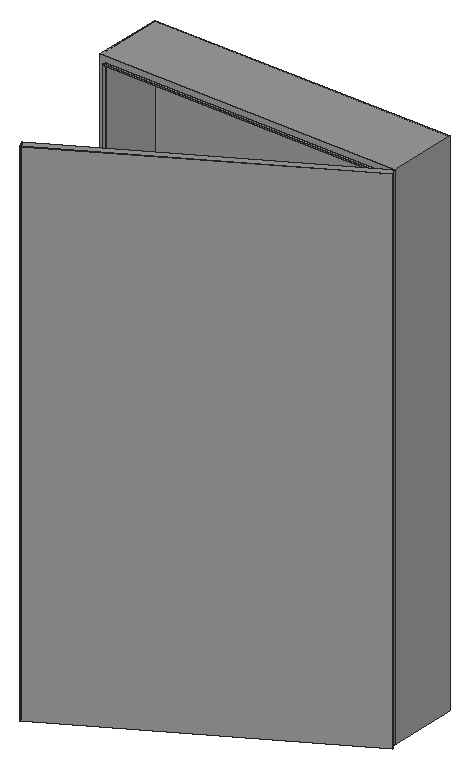
Revit family "Hager-Univers-IP44-D205-H1400-Cl.II-Encl-NoHosted-BE-fr", category Electrical Equipment, Revit 2020
Family settings
  Panel Configuration = Two Columns, Circuits Across
  Round Connector Dimension = Use Diameter
  Part Type = Panelboard
  Work Plane-Based = Yes
  Always vertical = Yes
  Cut with Voids When Loaded = No
  Shared = No
  Room Calculation Point = No
Parameters (values of type "saillie IP44 L800 H1400 P205  - FP93QS")
  Width Control [instance] = if([EF000008 - largeur] > Min Width, [EF000008 - largeur], Min Width)  # 800 mm
  Type Comments = [HG000003 - Gamme]  # "Univers"
  Thickness Door [instance] = if([EF009171 - épaisseur de matériau de la porte/du couvercle] > 3 mm, 3 mm, [EF009171 - épaisseur de matériau de la porte/du couvercle])  # 1 mm
  Seal Frame Offset [instance] = 17 mm  # constant formula
  Plinth Visibility [instance] = [HG000027 - Hauteur du socle] > 0 mm  # no
  Min Width [instance] = 100 mm  # constant formula
  Min Depth [instance] = (2 * [EF009170 - épaisseur de matériau du boîtier]) + 1 mm  # 3 mm
  Min Height [instance] = 100 mm  # constant formula
  Internal Frame Depth [instance] = (Door System Depth * 0.5)  # 9 mm
  Panel Name [instance] = ""  # (empty or 0)
  Model = ""
  HG000027 - Hauteur du socle = 0 mm
  HG000026 - Installation au sol = no
  HG000024 - Hauteur de la section basse = 600 mm
  HG000023 - Armoire double section = no
  HG000016 - Visibilité de la porte 3D [instance] = yes
  HG000015 - Visibilité de l'emprise de la porte [instance] = no
  HG000014 - Porte à droite [instance] = yes
  HG000013 - Porte à gauche [instance] = not([HG000014 - Porte à droite])  # no
  HG000012 - Angle de pivotement de la porte [instance] = 30.00°
  HG000010 - Portes asymétriques = no
  HG000009 - Porte à double battant = no
  HG000006 - Encastré = no
  HG000004 - Référence fabricant = "FP93QS"
  HG000003 - Gamme = "Univers"
  HG000002 - avec porte = yes
  Frame Offset Bottom [instance] = 10 mm  # constant formula
  Frame Offset [instance] = 15 mm  # constant formula
  EF015940 - couvercle avec décharge de pression = no
  EF011959 - degré de protection (NEMA) = ""
  EF009554 - nombre d'ouvertures pour plaques à bride = 6
  EF009212 - finition du couvercle = "EV000116 - fermé"
  EF009171 - épaisseur de matériau de la porte/du couvercle = 1 mm
  EF009170 - épaisseur de matériau du boîtier = 1 mm
  EF008873 - courant nominal (In) = 250 A
  EF007800 - adapté à un parafoudre = no
  EF006306 - avec serrure = no
  EF006244 - couvercle/porte transparent(e) = no
  EF005474 - indice de protection (IP) = "EV006418 - IP44"
  EF004464 - type de porte = "EV002646 - unique"
  EF004427 - nombre de modules = 324
  EF004293 - indice de protection contre les chocs (IK) = "EV006815 - IK09"
  EF003532 - convient pour utilisation à l’extérieur = no
  EF002950 - largeur en nombre de modules = 36
  EF001613 - maintien de fonction = "EV000494 - sans"
  EF001596 - matériau du boîtier/corps = "EV000179 - acier"
  EF001131 - profondeur intérieure = 143 mm
  EF001088 - possibilité de montage en saillie = yes
  EF000437 - nombre d'entrées de conduit = 6
  EF000339 - type de capot = "EV001012 - couvercle"
  EF000266 - nombre de rangées = 9
  EF000218 - profondeur d'encastrement = 0 mm
  EF000118 - avec cadre/support de montage = no
  EF000116 - numéro RAL = "9010"
  EF000049 - profondeur = 205 mm
  EF000040 - hauteur = 1400 mm
  EF000008 - largeur = 800 mm
  EF000007 - couleur = "EV000202 - blanc"
  EF000003 - mode de pose = "EV000384 - saillie"
  Door System Leaf Tolerance [instance] = 1.5 mm  # constant formula
  Door System Depth [instance] = 18 mm  # constant formula
  Door Height [instance] = Height Control - [HG000027 - Hauteur du socle]  # 1400 mm
  Description = ""
  Default Elevation = 1219.2 mm
  Connector Offset [instance] = Height Control / 2  # 700 mm
  Manufacturer = "Hager"  # constant formula
  Height Control [instance] = if([EF000040 - hauteur] > Min Height, [EF000040 - hauteur], Min Height)  # 1400 mm
  Depth Control [instance] = if([EF000049 - profondeur] > Min Depth, [EF000049 - profondeur], Min Depth)  # 205 mm
  Bottom Top Plate Trim [instance] = 1.5 mm  # constant formula
  Plinth height Ctrl [instance] = if([HG000027 - Hauteur du socle] > 0 mm, [HG000027 - Hauteur du socle], 12 mm)  # 12 mm
Types (5, lengths in mm): name | Width Control | HG000009 - Porte à double battant | HG000004 - Référence fabricant | EF009554 - nombre d'ouvertures pour plaques à bride | EF004464 - type de porte | EF004427 - nombre de modules | EF002950 - largeur en nombre de modules | EF000437 - nombre d'entrées de conduit | EF000008 - largeur
  saillie IP44 L1050 H1400 P205  - FP94QS | 1050 | yes | "FP94QS" | 8 | "EV003602 - double" | 432 | 48 | 8 | 1050
  saillie IP44 L1300 H1400 P205  - FP95QS | 1300 | yes | "FP95QS" | 10 | "EV003602 - double" | 540 | 60 | 10 | 1300
  saillie IP44 L300 H1400 P205  - FP91QS | 300 | no | "FP91QS" | 2 | "EV002646 - unique" | 108 | 12 | 2 | 300
  saillie IP44 L550 H1400 P205  - FP92QS | 550 | no | "FP92QS" | 4 | "EV002646 - unique" | 216 | 24 | 4 | 550
  saillie IP44 L800 H1400 P205  - FP93QS | 800 | no | "FP93QS" | 6 | "EV002646 - unique" | 324 | 36 | 6 | 800
Reference planes
  plane 1 "Center (Front/Back)": y = 0
  plane 2: z = 0
  plane 3 "Center (Left/Right)": x = 0
  plane 4: y = 0
  plane 5: y = 0
  plane 6: z = 0
  plane 7: x = -400
  plane 8: x = 400
  plane 9: x = 399
  plane 10: x = -399
  plane 11: z = 0
  plane 12: z = 1
  plane 13: y = -205
  plane 14: y = -1
  plane 15: x = 0
  plane 16: y = -187
  plane 17: y = -204
  plane 18: y = -186
  plane 19: x = -384
  plane 20: x = 384
  plane 21: z = 11
  plane 22: x = -383
  plane 23: x = 383
  plane 24: z = 0
  plane 25: z = 1400
  plane 26: z = 1400
  plane 27: z = 1384
  plane 28: z = 1399
Forms (mm)
  Extrusion 1, solid, material "Hager_Steel_RAL7035_Light_Grey", detail levels medium+fine
    sketch origin (-208.679, -4572, 0) x (-1, 0, 0) y (0, -1, 0)
      loop
        line (191.321, -4385) -> (-608.679, -4385) -> (-608.679, -4572) -> (191.321, -4572) -> (191.321, -4385)
    from 0 to 1400
  Extrusion 2, void
    sketch origin (-350.771, -205, 1219.2) x (1, 0, 0) y (0, 0, 1)
      loop
        line (-48.229, 179.8) -> (-48.229, -1218.2) -> (749.771, -1218.2) -> (749.771, 179.8) -> (-48.229, 179.8)
    from -19 to -204
  Extrusion 3, void
    sketch origin (-290.084, -187, 1219.2) x (1, 0, 0) y (0, 0, 1)
      loop
        line (-93.916, -1208.2) -> (674.084, -1208.2) -> (674.084, 164.8) -> (-93.916, 164.8) -> (-93.916, -1208.2)
    from 0 to -1
  Extrusion 4, solid, material "Hager_Steel_RAL7035_Light_Grey", visible <- "Plinth Visibility", detail levels medium+fine
    sketch origin (0, 0, 0) x (1, 0, 0) y (0, 1, 0)
      loop
        line (-400, 0) -> (-400, -187) -> (400, -187) -> (400, 0) -> (-400, 0)
    from 0 to 12 <- "Plinth height Ctrl"
  Extrusion 5, solid, material "Hager_Steel_RAL7035_Light_Grey", detail levels coarse
    sketch origin (0, 0, 0) x (1, 0, 0) y (0, 1, 0)
      loop
        line (-400, 0) -> (-400, -205) -> (400, -205) -> (400, 0) -> (-400, 0)
    from 0 to 1400 <- "Height Control"
  Sweep 6, void
    path in 3D
      loop
        line (-400, -187, 12) -> (400, -187, 12) -> (400, 0, 12) -> (-400, 0, 12) -> (-400, -187, 12)
    profile origin (-400, -93.5, 12) x (1, 0, 0) y (0, 0, 1)
      loop
        line (0, 0) -> (0, -1.5) -> (1.5, -1.5)
        arc (1.5, -1.5) -> (1.061, -0.439) -> (0, 0) r 1.5
  Extrusion 7, solid, material "Hager_Steel_RAL7035_Light_Grey", detail levels fine
    sketch origin (-400, -187, 0) x (1, 0, 0) y (0, 0, 1)
      loop
        line (16, 11) -> (784, 11) -> (784, 1384) -> (16, 1384) -> (16, 11)
      loop
        line (15, 10) -> (785, 10) -> (785, 1385) -> (15, 1385) -> (15, 10)
    from 0 to 9 <- "Internal Frame Depth"
Cuts and joins
  Extrusion 2, Extrusion 3 cuts Extrusion 1
  Sweep 6 cuts Extrusion 4
Lines and regions (mm)
  Masking region 1
    outline origin (0, 0, 0) x (1, 0, 0) y (0, 1, 0)
      loop
        line (-400, 0) -> (-400, -205) -> (400, -205) -> (400, 0) -> (-400, 0)
  Masking region 2, detail levels coarse
    outline origin (-290.084, -187, 1219.2) x (-1, 0, 0) y (0, 0, 1)
      loop
        line (-690.084, -1219.2) -> (109.916, -1219.2) -> (109.916, 180.8) -> (-690.084, 180.8) -> (-690.084, -1219.2)
  Masking region 3, detail levels coarse
    outline origin (0, 0, 0) x (0, 1, 0) y (0, 0, 1)
      loop
        line (0, 0) -> (0, 1400) -> (-205, 1400) -> (-205, 0) -> (0, 0)
  Masking region 4, visible <- "Plinth Visibility", detail levels medium+fine
    outline origin (0, 0, 0) x (0, 1, 0) y (0, 0, 1)
      loop
        line (-1.5, 12) -> (-185.5, 12)
        arc (-185.5, 12) -> (-185.939, 10.939) -> (-187, 10.5) r 1.5
        line (-187, 10.5) -> (-187, 0) -> (0, 0) -> (0, 10.5)
        arc (0, 10.5) -> (-1.061, 10.939) -> (-1.5, 12) r 1.5
  Masking region 5, detail levels medium+fine
    outline origin (0, 0, 594.038) x (0, 1, 0) y (0, 0, 1)
      loop
        line (0, -594.038) -> (0, 805.962) -> (-187, 805.962) -> (-187, -594.038) -> (0, -594.038)
  Masking region 6, detail levels medium+fine
    outline origin (-359.7, -187, 1211.883) x (-1, 0, 0) y (0, 0, 1)
      loop
        line (-759.7, -1211.883) -> (40.3, -1211.883) -> (40.3, 188.117) -> (-759.7, 188.117) -> (-759.7, -1211.883)
  Masking region 7, visible <- "Plinth Visibility", detail levels medium+fine
    outline origin (-320.334, -187, 1041.368) x (-1, 0, 0) y (0, 0, 1)
      loop
        line (-720.334, -1041.368) -> (79.666, -1041.368) -> (79.666, -1030.868)
        arc (79.666, -1030.868) -> (78.606, -1030.429) -> (78.166, -1029.368) r 1.5
        line (78.166, -1029.368) -> (-718.834, -1029.368)
        arc (-718.834, -1029.368) -> (-719.273, -1030.429) -> (-720.334, -1030.868) r 1.5
        line (-720.334, -1030.868) -> (-720.334, -1041.368)
  sketch lines
    curve 1: line (-400, 0, 12) -> (-400, -187, 12)
    curve 2: line (-400, -187, 12) -> (400, -187, 12)
    curve 3: line (400, 0, 12) -> (-400, 0, 12)
    curve 4: line (400, -187, 12) -> (400, 0, 12)
Dimensions and locks
  locked: plane 1 "Center (Front/Back)" to plane 5
  "EF009170 - épaisseur de matériau du boîtier": plane 7 to plane 10
  "EF009170 - épaisseur de matériau du boîtier": plane 8 to plane 9
  equal spacing: plane 7, plane 3 "Center (Left/Right)", plane 8
  "Width Control": plane 7 to plane 8
  "Depth Control": plane 4 to plane 13
  "EF009170 - épaisseur de matériau du boîtier": plane 4 to plane 14
  "Height Control": plane 25 to level
  "HG000027 - Hauteur du socle": plane 11 to level
  "EF009170 - épaisseur de matériau du boîtier": plane 12 to plane 11
  "EF009170 - épaisseur de matériau du boîtier": plane 17 to plane 13
  "EF009170 - épaisseur de matériau du boîtier": plane 18 to plane 16
  "Frame Offset Bottom": plane 21 to plane 12
  "Frame Offset": plane 10 to plane 19
  "Frame Offset": plane 9 to plane 20
  "Door System Depth": plane 16 to plane 13
  "Seal Frame Offset": plane 7 to plane 22
  "Seal Frame Offset": plane 8 to plane 23
  "EF009170 - épaisseur de matériau du boîtier": plane 26 to plane 28
  "Frame Offset": plane 28 to plane 27
  "Connector Offset": plane 2 to connector elem
  "Bottom Top Plate Trim": profile plane to Sweep 6 sketch curve
  "Bottom Top Plate Trim": Sweep 6 sketch curve to Sweep 6 sketch curve
  "Plinth height Ctrl": Masking region 4 sketch curve to level
  "Plinth height Ctrl": Masking region 7 sketch curve to level
  "Thickness Door": Extrusion 7 sketch curve to Extrusion 7 sketch curve  (x4)
  "Bottom Top Plate Trim": radius of Sweep 6 sketch curve
  "Bottom Top Plate Trim": radius of Masking region 4 sketch curve  (x2)
  "Bottom Top Plate Trim": radius of Masking region 7 sketch curve  (x2)
  aligned and locked: Extrusion 2 sketch curve to plane 12
  aligned and locked: Extrusion 2 sketch curve to plane 9
  aligned and locked: Extrusion 2 sketch curve to plane 10
  aligned and locked: Extrusion 2 to plane 14
  aligned and locked: Extrusion 1 sketch curve to plane 4
  aligned and locked: plane 8 to Extrusion 1 sketch curve
  aligned and locked: plane 7 to Extrusion 1 sketch curve
  aligned and locked: Extrusion 2 to plane 18
  aligned and locked: Extrusion 3 sketch curve to plane 19
  aligned and locked: plane 20 to Extrusion 3 sketch curve
  aligned and locked: Extrusion 3 to Extrusion 2
  aligned and locked: Extrusion 3 sketch curve to plane 21
  aligned and locked: plane 3 "Center (Left/Right)" to nested 1
  aligned and locked: Extrusion 1 sketch curve to plane 16
  aligned and locked: Extrusion 4 sketch curve to cut or joined group of Extrusion 1, Extrusion 2, Extrusion 3
  aligned and locked: Masking region 1 sketch curve to plane 7
  aligned and locked: Masking region 1 sketch curve to plane 5
  aligned and locked: Masking region 1 sketch curve to plane 8
  aligned and locked: Masking region 2 sketch curve to level
  aligned and locked: level to Masking region 3 sketch curve
  aligned and locked: plane 1 "Center (Front/Back)" to Masking region 3 sketch curve
  aligned and locked: plane 13 to Masking region 3 sketch curve
  aligned and locked: plane 5 to Masking region 4 sketch curve
  aligned and locked: Masking region 2 sketch curve to plane 8
  aligned and locked: Masking region 2 sketch curve to plane 7
  aligned and locked: plane 7 to nested 2
  aligned and locked: nested 2 to plane 5
  aligned and locked: plane 5 to Masking region 5 sketch curve
  aligned and locked: plane 26 to Masking region 5 sketch curve
  aligned and locked: Extrusion 5 sketch curve to plane 8
  aligned and locked: Extrusion 5 sketch curve to plane 7
  aligned and locked: Extrusion 5 sketch curve to plane 5
  aligned and locked: Extrusion 3 sketch curve to plane 27
  aligned and locked: Extrusion 2 sketch curve to plane 28
  aligned and locked: Masking region 2 to plane 25
  aligned and locked: Extrusion 4 to plane 16
  aligned and locked: profile plane to Sweep 6 sketch curve
  aligned and locked: Masking region 5 sketch curve to plane 24
  aligned and locked: level to Masking region 4 sketch curve
  aligned and locked: Masking region 1 to plane 13
  aligned and locked: nested 1 to plane 16
  aligned and locked: Masking region 3 to plane 25
  aligned and locked: plane 16 to Masking region 4 sketch curve
  aligned and locked: Masking region 5 sketch curve to plane 16
  aligned and locked: plane 24 to plane 11
  aligned and locked: plane 26 to plane 25
  aligned and locked: plane 26 to cut or joined group of Extrusion 1, Extrusion 2, Extrusion 3
  aligned and locked: nested 1 to plane 24
  aligned and locked: Extrusion 1 to Extrusion 3
  aligned and locked: Masking region 6 sketch curve to plane 8
  aligned and locked: Masking region 6 sketch curve to plane 24
  aligned and locked: Masking region 6 sketch curve to plane 7
  aligned and locked: Masking region 6 sketch curve to plane 26
  aligned and locked: Masking region 7 sketch curve to plane 7
  aligned and locked: level to Masking region 7 sketch curve
  aligned and locked: Masking region 7 sketch curve to plane 8
  aligned and locked: Extrusion 7 sketch curve to cut or joined group of Extrusion 1, Extrusion 2, Extrusion 3  (x4)
Automatic sketch dimensions
  plane 19 to Extrusion 3 sketch curve = 0 mm
  Extrusion 3 sketch curve to plane 20 = 0 mm
  Extrusion 3 sketch curve to plane 21 = 0 mm
  Extrusion 4 sketch curve to plane 7 = 0 mm
  Extrusion 4 sketch curve to plane 8 = 0 mm
  Extrusion 4 sketch curve to plane 16 = 0 mm
  Masking region 1 sketch curve to plane 13 = 0 mm
  Masking region 2 sketch curve to plane 25 = 0 mm
  Masking region 3 sketch curve to plane 25 = 0 mm
  Extrusion 5 sketch curve to plane 13 = 0 mm
  profile plane to Sweep 6 sketch curve = 0 mm
Nested families
  nested 1: "EC000058_Univers_Door" at (0, -187, 0), Double <- "HG000009 - Porte à double battant", Transparent <- "EF006244 - couvercle/porte transparent(e)", Angle <- "HG000012 - Angle de pivotement de la porte", Door_Right <- "HG000014 - Porte à droite", Assymetrical <- "HG000010 - Portes asymétriques", Door <- "HG000002 - avec porte", Width_Ctrl <- "Width Control", 3d_Door <- "HG000016 - Visibilité de la porte 3D", Clearance <- "HG000015 - Visibilité de l'emprise de la porte", Door_Left <- "HG000013 - Porte à gauche", Width <- "Width Control", Door_Depth <- "Door System Depth", Leaf_Tolerance <- "Door System Leaf Tolerance", Height <- "Door Height", Lock_Visibility <- "EF006306 - avec serrure", Thickness <- "Thickness Door", type "EC000058_Univers_Door", detail levels medium+fine
    with min_wh 3 mm, Width_Ctrl 800 mm, Width 800 mm, Transparent no, Thickness 1 mm, Seal_Material Hager_Rubber, Lock_Visibility no, Lock_Material Hager_Plastic_RAL9005_Jet_Black, Leaf_Width 800 mm, Leaf_Tolerance_External_Sides 0 mm, Leaf_Tolerance 1.5 mm, Leaf_Offset 0 mm, Leaf_Height 1397 mm, Leaf_2_Width 800 mm, Leaf_2_Offset 400 mm, Leaf_1_Width 800 mm, Leaf_1_Offset 400 mm, Height_Ctrl 1400 mm, Height 1400 mm, Glass_Material Hager_Glass, Double_Clearance_Ctrl no, Double no, Door_Right_Ctrl yes, Door_Right yes, Door_Material Hager_Steel_RAL7035_Light_Grey, Door_Left_Ctrl no, Door_Left no, Door_Depth 18 mm, Door yes, Clearance_Material Hager_Clearance, Clearance_Depth 800 mm, Clearance_Ctrl no, Clearance no, Assymetrical no, Angle 30.00°, 3d_Door yes
  nested 2: "Hager_Enclosure_Symbol" at (-400, 0, 0), Height <- "Depth Control", Width <- "Width Control", type "Hager_Enclosure_Symbol"
    with Width_Ctrl 800 mm, Width 800 mm, Height_Ctrl 205 mm, Height 205 mm, A_Width_Int 13.453 mm, A_Width 161.438 mm, A_Height_Ctrl 179.375 mm, A_Height 179.375 mm
Connectors
  electrical at (0, 0, 700)
    settings: on plane 1 "Center (Front/Back)", index 1, voltage 0 V, apparent load 0 VA, apparent load phase1 0 VA, apparent load phase2 0 VA, apparent load phase3 0 VA, power factor 1, load classification "Other", number of poles 1, system type 30, power factor state 1, is connector primary yes, connector utility no, sub classification motor no, connector description ""
Definition of nested family "EC000058_Univers_Door"
  Parameters (values of type "EC000058_Univers_Door")
    min_wh [instance] = (2 * Thickness) + 1 mm  # 11 mm
    Width_Ctrl [instance] = 400 mm
    Width [instance] = 500 mm
    Transparent [instance] = yes
    Thickness [instance] = 5 mm
    Seal_Material [instance] = none
    Lock_Visibility [instance] = yes
    Lock_Material [instance] = none
    Leaf_Width [instance] = if((Width_Ctrl - 2 * Leaf_Tolerance_External_Sides) > 0 mm, (Width_Ctrl - 2 * Leaf_Tolerance_External_Sides), min_wh)  # 400 mm
    Leaf_Tolerance_External_Sides [instance] = 0 mm  # constant formula
    Leaf_Tolerance [instance] = 1.5 mm
    Leaf_Offset [instance] = 0 mm  # constant formula
    Leaf_Height [instance] = if((Height_Ctrl - 2 * Leaf_Tolerance) > 0 mm, (Height_Ctrl - 2 * Leaf_Tolerance), min_wh)  # 497 mm
    Leaf_2_Width [instance] = if(and(and(Double, Assymetrical), Door_Left), (Leaf_Width / 3) - (Leaf_Tolerance / 2), if(and(and(Double, Assymetrical), Door_Right), (Leaf_Width / 3) * 2 - (Leaf_Tolerance / 2), if(and(Double, not(Assymetrical)), (Leaf_Width / 2) - Leaf_Tolerance, Leaf_Width)))  # 400 mm
    Leaf_2_Offset [instance] = if(and(Double, Assymetrical), Leaf_2_Width / 2, if(and(Double, not(Assymetrical)), Leaf_Width / 4, Leaf_Width / 2))  # 200 mm
    Leaf_1_Width [instance] = if(and(and(Double, Assymetrical), Door_Right), (Leaf_Width / 3) - (Leaf_Tolerance / 2), if(and(and(Double, Assymetrical), Door_Left), (Width / 3) * 2 - (Leaf_Tolerance / 2), if(and(Double, not(Assymetrical)), (Leaf_Width / 2) - Leaf_Tolerance, Leaf_Width)))  # 400 mm
    Leaf_1_Offset [instance] = if(and(Double, Assymetrical), Leaf_1_Width / 2, if(and(Double, not(Assymetrical)), Leaf_Width / 4, Leaf_Width / 2))  # 200 mm
    Height_Ctrl [instance] = if(Height > min_wh, Height, min_wh)  # 500 mm
    Height [instance] = 500 mm
    Glass_Material [instance] = none
    Double_Clearance_Ctrl [instance] = and(Double, Clearance)  # no
    Double [instance] = no
    Door_Right_Ctrl [instance] = and(or(Door_Right, Double), Door)  # yes
    Door_Right [instance] = yes
    Door_Material [instance] = none
    Door_Left_Ctrl [instance] = and(or(Door_Left, Double), Door)  # no
    Door_Left [instance] = no
    Door_Depth [instance] = 30 mm
    Door [instance] = yes
    Default Elevation = 1219.2 mm
    Clearance_Material [instance] = none
    Clearance_Depth [instance] = if(Leaf_1_Width > Leaf_2_Width, Leaf_1_Width, Leaf_2_Width)  # 400 mm
    Clearance_Ctrl [instance] = and(not(Double), Clearance)  # yes
    Clearance [instance] = yes
    Assymetrical [instance] = yes
    Angle [instance] = 30.00°
    3d_Door [instance] = yes
  Reference planes
    plane 1 "Center (Front/Back)": y = 0
    plane 2 "Bottom": z = 0
    plane 3 "Center (Left/Right)": x = 0
    plane 4: z = 500
    plane 5: x = -200
    plane 6: x = 200
    plane 7: z = 500
    plane 8: x = -200
    plane 9: z = 0
    plane 10: x = 200
    plane 11: y = 0
    plane 12: z = 1.5
    plane 13: x = -600
    plane 14: y = -400
    plane 15: x = 600
    plane 16: x = 0
    plane 17: x = 0
    plane 18: x = -200
    plane 19: x = 200
    plane 20: z = 498.5
  Forms (mm)
    Extrusion 1, solid, material <- "Clearance_Material", visible <- "Double_Clearance_Ctrl"
      sketch origin (1200, 0, 0) x (1, 0, 0) y (0, 0, -1)
        loop
          line (-1800, -498.5) -> (-600, -498.5) -> (-600, 0) -> (-1800, 0) -> (-1800, -498.5)
      from 0 to -400
  Dimensions and locks
    equal spacing: plane 5, plane 3 "Center (Left/Right)", plane 6
    "Width_Ctrl": plane 5 to plane 6
    "Leaf_Offset": plane 5 to plane 8
    "Leaf_Offset": plane 6 to plane 10
    "Leaf_Offset": plane 9 to level
    "Leaf_Offset": plane 4 to plane 7
    "Height_Ctrl": plane 4 to level
    "Leaf_Tolerance": plane 12 to plane 9
    locked: plane 11 to plane 1 "Center (Front/Back)"
    "Leaf_1_Offset": plane 18 to plane 16
    "Leaf_2_Offset": plane 17 to plane 19
    "Leaf_1_Width": plane 13 to plane 8
    "Leaf_2_Width": plane 10 to plane 15
    "Clearance_Depth": plane 14 to plane 1 "Center (Front/Back)"
    "Leaf_Tolerance_External_Sides": plane 8 to plane 18
    "Leaf_Tolerance_External_Sides": plane 19 to plane 10
    "Leaf_Tolerance": plane 7 to plane 20
    aligned and locked: level to plane 2 "Bottom"
    aligned and locked: nested 1 to plane 16
    aligned and locked: nested 2 to plane 17
    aligned and locked: Extrusion 1 to plane 13
    aligned and locked: plane 15 to Extrusion 1
    aligned and locked: Extrusion 1 to plane 14
    aligned and locked: plane 12 to nested 1
    aligned and locked: nested 2 to plane 12
    aligned and locked: Extrusion 1 to plane 11
    aligned and locked: plane 20 to Extrusion 1
    aligned and locked: nested 2 to plane 11
    aligned and locked: nested 1 to plane 11
  Automatic sketch dimensions
    Extrusion 1 sketch curve to level = 0 mm
    plane 5 to Extrusion 1 sketch curve = 400 mm
    plane 6 to Extrusion 1 sketch curve = 400 mm
    Extrusion 1 sketch curve to plane 4 = 1.5 mm
  Nested families
    nested 1: "EC000058_Univers_Door_Leaf" at (0, 0, 1.5), Width <- "Leaf_1_Width", visible <- "Door_Left_Ctrl", Leaf_Height <- "Leaf_Height", Angle <- "Angle", 3d_Door <- "3d_Door", Transparent <- "Transparent", Clearance Material <- "Clearance_Material", Clearance <- "Clearance_Ctrl", Door_Material <- "Door_Material", Glass_Material <- "Glass_Material", Door_Depth <- "Door_Depth", Lock_Material <- "Lock_Material", Seal_Material <- "Seal_Material", Lock_Visibility <- "Lock_Visibility", Thickness <- "Thickness", type "EC000058_Univers_Door_Leaf"
      with Width 400 mm, Transparent_Glass_Offset 30 mm, Transparent_Ctrl yes, Transparent yes, Thickness 5 mm, Standard no, Seal_Material none, Seal_D2 8 mm, Seal_D1 1 mm, Offset_Internal_Frame 10 mm, Lock_Width 20 mm, Lock_Visibility_3d yes, Lock_Visibility yes, Lock_Thickness_3 3 mm, Lock_Thickness_2 1 mm, Lock_Thickness_1 3 mm, Lock_Radius_Offset_2 16 mm, Lock_Radius_Offset_1 15 mm, Lock_Radius_2 5 mm, Lock_Radius 6 mm, Lock_Offset 5 mm, Lock_Material none, Lock_Height 80 mm, Lock_Cover_Top_Offset_2d 17 mm, Lock_Cover_Height -65 mm, Leaf_Height 497 mm, Internal_Seal_Thickness 8 mm, Internal_Seal_Depth_2 4.5 mm, Internal_Frame_Depth 25 mm, Glass_Thickness -1 mm, Glass_Offset -2 mm, Glass_Material none, Door_Material none, Door_Depth 30 mm, Clearance Material none, Clearance yes, Angle_Ctrl 30.00°, Angle 30.00°, 3d_Door yes
    nested 2: "EC000058_Univers_Door_Leaf" at (0, 0, 1.5) x (-1, 0, 0) z (0, 0, 1), Width <- "Leaf_2_Width", visible <- "Door_Right_Ctrl", Leaf_Height <- "Leaf_Height", Angle <- "Angle", 3d_Door <- "3d_Door", Transparent <- "Transparent", Clearance Material <- "Clearance_Material", Clearance <- "Clearance_Ctrl", Door_Material <- "Door_Material", Glass_Material <- "Glass_Material", Door_Depth <- "Door_Depth", Lock_Material <- "Lock_Material", Seal_Material <- "Seal_Material", Lock_Visibility <- "Lock_Visibility", Thickness <- "Thickness", type "EC000058_Univers_Door_Leaf"
      with Width 400 mm, Transparent_Glass_Offset 30 mm, Transparent_Ctrl yes, Transparent yes, Thickness 5 mm, Standard no, Seal_Material none, Seal_D2 8 mm, Seal_D1 1 mm, Offset_Internal_Frame 10 mm, Lock_Width 20 mm, Lock_Visibility_3d yes, Lock_Visibility yes, Lock_Thickness_3 3 mm, Lock_Thickness_2 1 mm, Lock_Thickness_1 3 mm, Lock_Radius_Offset_2 16 mm, Lock_Radius_Offset_1 15 mm, Lock_Radius_2 5 mm, Lock_Radius 6 mm, Lock_Offset 5 mm, Lock_Material none, Lock_Height 80 mm, Lock_Cover_Top_Offset_2d 17 mm, Lock_Cover_Height -65 mm, Leaf_Height 497 mm, Internal_Seal_Thickness 8 mm, Internal_Seal_Depth_2 4.5 mm, Internal_Frame_Depth 25 mm, Glass_Thickness -1 mm, Glass_Offset -2 mm, Glass_Material none, Door_Material none, Door_Depth 30 mm, Clearance Material none, Clearance yes, Angle_Ctrl 30.00°, Angle 30.00°, 3d_Door yes
  Definition of nested family "EC000058_Univers_Door_Leaf"
    Parameters (values of type "EC000058_Univers_Door_Leaf")
      Width [instance] = 2000 mm
      Transparent_Glass_Offset [instance] = 30 mm
      Transparent_Ctrl [instance] = and(Transparent, [3d_Door])  # yes
      Transparent [instance] = yes
      Thickness [instance] = 5 mm
      Standard [instance] = and(not(Transparent), [3d_Door])  # no
      Seal_Material [instance] = none
      Seal_D2 [instance] = 8 mm  # constant formula
      Seal_D1 [instance] = 1 mm  # constant formula
      Offset_Internal_Frame [instance] = 10 mm  # constant formula
      Lock_Width [instance] = 20 mm  # constant formula
      Lock_Visibility_3d [instance] = and(Lock_Visibility, [3d_Door])  # yes
      Lock_Visibility [instance] = yes
      Lock_Thickness_3 [instance] = 3 mm  # constant formula
      Lock_Thickness_2 [instance] = 1 mm  # constant formula
      Lock_Thickness_1 [instance] = 3 mm  # constant formula
      Lock_Radius_Offset_2 [instance] = Lock_Radius_Offset_1 + 1 mm  # 16 mm
      Lock_Radius_Offset_1 [instance] = 15 mm  # constant formula
      Lock_Radius_2 [instance] = Lock_Radius - 1 mm  # 5 mm
      Lock_Radius [instance] = 6 mm  # constant formula
      Lock_Offset [instance] = 5 mm  # constant formula
      Lock_Material [instance] = none
      Lock_Height [instance] = 80 mm  # constant formula
      Lock_Cover_Top_Offset_2d [instance] = Lock_Radius_Offset_2 + 1 mm  # 17 mm
      Lock_Cover_Height [instance] = -(Lock_Height - Lock_Radius_Offset_1)  # -65 mm
      Leaf_Height [instance] = 2720.336 mm
      Internal_Seal_Thickness [instance] = 8 mm  # constant formula
      Internal_Seal_Depth_2 [instance] = 4.5 mm  # constant formula
      Internal_Frame_Depth [instance] = if(Door_Depth - Thickness > 5 mm, Door_Depth - Thickness, 5 mm)  # 25 mm
      Glass_Thickness [instance] = if(Thickness > 15 mm, Glass_Offset + 10 mm, -1 mm)  # -1 mm
      Glass_Offset [instance] = if(Thickness > 15 mm, -(Thickness + 10 mm) / 2, -2 mm)  # -2 mm
      Glass_Material [instance] = none
      Door_Material [instance] = none
      Door_Depth [instance] = 30 mm
      Default Elevation = 0 mm
      Clearance Material [instance] = none
      Clearance [instance] = yes
      Angle_Ctrl [instance] = if(Angle > 180.00°, 180.00°, Angle)  # 90.00°
      Angle [instance] = 90.00°
      3d_Door [instance] = yes
    Reference planes
      plane 1 "Center (Front/Back)": y = 0
      plane 2: z = 0
      plane 3 "Center (Left/Right)": x = 0
      plane 4: y = 2000
      plane 5: x = -1000
      plane 6: x = 1000
      plane 7: x = -3000
      plane 8: z = 2720.336
      plane 9: z = 30
      plane 10: z = 2690.336
      plane 11: x = 970
      plane 12: x = -970
      plane 13: y = -3
      plane 14: z = 107.833
      plane 15: y = -5
      plane 16: y = -223.314
      plane 17: x = -1000
      plane 18: z = 1360.168
      plane 19: y = 30
    Forms (mm)
      Extrusion 1, solid, material <- "Clearance Material", visible <- "Clearance"
        sketch origin (0, 0, 0) x (1, 0, 0) y (0, 0, 1)
          loop
            line (-3000, 2720.336) -> (-3000, 0) -> (1000, 0) -> (1000, 2720.336) -> (-3000, 2720.336)
        from 0 to -2000
      Extrusion 2, solid, material <- "Door_Material", visible <- "Standard", detail levels medium+fine
        sketch origin (-1000, 0, 0) x (0, 1, 0) y (-1, 0, 0)
          loop
            line (0, 30) -> (0, 25) -> (2000, 25) -> (2000, 30) -> (0, 30)
        from 0 to 2720.336 <- "Leaf_Height"
      Extrusion 3, solid, material <- "Door_Material", visible <- "Transparent_Ctrl", detail levels medium+fine
        sketch origin (-1000, 0, 0) x (0, 1, 0) y (-1, 0, 0)
          loop
            line (0, 25) -> (2000, 25) -> (2000, 30) -> (0, 30) -> (0, 25)
        from 0 to 2720.336 <- "Leaf_Height"
      Extrusion 4, void
        sketch origin (-1025, 2000, 0) x (0, 1, 0) y (0, 0, -1)
          loop
            line (-30, -2690.336) -> (-30, -30) -> (-1970, -30) -> (-1970, -2690.336) -> (-30, -2690.336)
        from 0 to 5 <- "Thickness"
      Sweep 5, solid, material <- "Seal_Material", visible <- "Transparent_Ctrl", detail levels fine
        path in 3D
          loop
            line (-1025, 30, 30) -> (-1025, 30, 2690.336) -> (-1025, 1970, 2690.336) -> (-1025, 1970, 30) -> (-1025, 30, 30)
        profile origin (-1025, 1000, 30) x (1, 0, 0) y (0, 0, 1)
          loop
            line (0, 0) -> (0, -8) -> (1, -8) -> (1, 0) -> (0, 0)
      Extrusion 6, solid, material <- "Glass_Material", visible <- "Transparent_Ctrl", detail levels medium+fine
        sketch origin (-1030, 0, 0) x (0, 1, 0) y (0, 0, -1)
          loop
            line (1970, -2690.336) -> (1970, -30) -> (30, -30) -> (30, -2690.336) -> (1970, -2690.336)
        from -2 <- "Glass_Offset" to -1 <- "Glass_Thickness"
      Extrusion 7, solid, material <- "Door_Material", visible <- "3d_Door", detail levels medium+fine
        sketch origin (-1025, 2000, 0) x (0, -1, 0) y (0, 0, -1)
          loop
            line (0, -2720.336) -> (2000, -2720.336) -> (2000, 0) -> (0, 0) -> (0, -2720.336)
          loop
            line (1995, -5) -> (5, -5) -> (5, -2715.336) -> (1995, -2715.336) -> (1995, -5)
        from 0 to 25 <- "Internal_Frame_Depth"
      Sweep 8, solid, material <- "Seal_Material", visible <- "Transparent_Ctrl", detail levels fine
        path in 3D
          loop
            line (-1025, 0, 0) -> (-1025, 2000, 0) -> (-1025, 2000, 2720.336) -> (-1025, 0, 2720.336) -> (-1025, 0, 0)
        profile origin (-1025, 0, 1360.168) x (1, 0, 0) y (0, 1, 0)
          loop
            line (0, 10) -> (2.975, 10)
            arc (2.975, 10) -> (4.053, 10.447) -> (4.5, 11.525) r 1.525
            line (4.5, 11.525) -> (4.5, 16.527)
            arc (4.5, 16.527) -> (4.069, 17.569) -> (3.027, 18) r 1.473
            line (3.027, 18) -> (0, 18) -> (0, 10)
      Extrusion 9, solid, material <- "Lock_Material", visible <- "Lock_Visibility_3d", detail levels fine
        sketch origin (-1030, 0, 0) x (0, 1, 0) y (0, 0, -1)
          loop
            arc (1993.5, -1400.168) -> (1994.561, -1399.729) -> (1995, -1398.668) r 1.5
            line (1995, -1398.668) -> (1995, -1320.168) -> (1975, -1320.168) -> (1975, -1398.668)
            arc (1975, -1398.668) -> (1975.439, -1399.729) -> (1976.5, -1400.168) r 1.5
            line (1976.5, -1400.168) -> (1993.5, -1400.168)
        from 3 <- "Lock_Thickness_1" to 0
      Blend 10, solid, material <- "Lock_Material", visible <- "Lock_Visibility_3d", detail levels fine
        base sketch origin (-1033, 0, 0) x (0, 1, 0) y (0, 0, -1)
          loop
            line (1975, -1320.168) -> (1975, -1398.668)
            arc (1975, -1398.668) -> (1975.439, -1399.729) -> (1976.5, -1400.168) r 1.5
            line (1976.5, -1400.168) -> (1993.5, -1400.168)
            arc (1993.5, -1400.168) -> (1994.561, -1399.729) -> (1995, -1398.668) r 1.5
            line (1995, -1398.668) -> (1995, -1320.168) -> (1975, -1320.168)
        top sketch origin (-1033, 0, 0) x (0, 1, 0) y (0, 0, -1)
          loop
            line (1976, -1320.168) -> (1976, -1398.668)
            arc (1976, -1398.668) -> (1976.146, -1399.022) -> (1976.5, -1399.168) r 0.5
            line (1976.5, -1399.168) -> (1993.5, -1399.168)
            arc (1993.5, -1399.168) -> (1993.854, -1399.022) -> (1994, -1398.668) r 0.5
            line (1994, -1398.668) -> (1994, -1320.168) -> (1976, -1320.168)
        from 0 to 1 <- "Lock_Thickness_2"
      Blend 11, solid, material <- "Lock_Material", visible <- "Lock_Visibility_3d", detail levels fine
        base sketch origin (-1034, 0, 0) x (0, 1, 0) y (0, 0, -1)
          loop
            line (1978, -1320.168) -> (1978, -1384.168)
            arc (1978, -1384.168) -> (1985, -1391.168) -> (1992, -1384.168) r 7
            line (1992, -1384.168) -> (1992, -1320.168) -> (1978, -1320.168)
        top sketch origin (-1034, 0, 0) x (0, 1, 0) y (0, 0, -1)
          loop
            line (1991, -1320.168) -> (1979, -1320.168) -> (1979, -1383.168)
            arc (1979, -1383.168) -> (1985, -1389.168) -> (1991, -1383.168) r 6
            line (1991, -1383.168) -> (1991, -1320.168)
        from 0 to 3 <- "Lock_Thickness_3"
      Extrusion 12, solid, material <- "Lock_Material", visible <- "Lock_Visibility_3d", detail levels fine
        sketch origin (-1030, 1975, 1320.168) x (1, 0, 0) y (0, -1, 0)
          loop
            line (-7, -19) -> (-7, -1) -> (0, -1) -> (0, 0) -> (-8, 0) -> (-8, -20) -> (0, -20) -> (0, -19) -> (-7, -19)
        from 0 to -65 <- "Lock_Cover_Height"
      Extrusion 13, void
        sketch origin (-1038, 1995, 1320.168) x (-1, 0, 0) y (0, 0, -1)
          loop
            line (-5, -65) -> (0, -65) -> (-5, -60) -> (-5, -65)
        from 0 to 20 <- "Lock_Width"
      Extrusion 14, void
        sketch origin (-1038, 1975, 1320.168) x (0, -1, 0) y (0, 0, -1)
          loop
            circle (-10, -15.995) r 6
          loop
            circle (-10, -15.995) r 5
        from 0 to 2
      Extrusion 15, solid, material <- "Lock_Material", visible <- "Lock_Visibility_3d", detail levels medium
        sketch origin (-1030, 0, 0) x (0, 1, 0) y (0, 0, -1)
          loop
            arc (1993.5, -1400.168) -> (1994.561, -1399.729) -> (1995, -1398.668) r 1.5
            line (1995, -1398.668) -> (1995, -1320.168) -> (1975, -1320.168) -> (1975, -1398.668)
            arc (1975, -1398.668) -> (1975.439, -1399.729) -> (1976.5, -1400.168) r 1.5
            line (1976.5, -1400.168) -> (1993.5, -1400.168)
        from 8 to 0
    Cuts and joins
      Extrusion 4 cuts Extrusion 3
      Extrusion 13, Extrusion 14 cuts Extrusion 9
      Extrusion 14 cuts Blend 11
      Extrusion 13, Extrusion 14 cuts Extrusion 12
      joined: Extrusion 9, Blend 10, Blend 11, Extrusion 12
      Extrusion 14 cuts Extrusion 15
    Lines and regions (mm)
      Masking region 1, visible <- "Lock_Visibility", detail levels fine
        outline origin (0, 0, 0) x (0, 1, 0) y (0, 0, 1)
          loop
            line (30, 1320.168) -> (33, 1320.168) -> (33, 1400.168) -> (30, 1400.168) -> (30, 1320.168)
      Masking region 2, visible <- "Lock_Visibility", detail levels fine
        outline origin (0, 3.143, 0) x (0, 1, 0) y (0, 0, 1)
          loop
            line (29.857, 1354.168) -> (30.857, 1354.168) -> (30.857, 1366.168) -> (29.857, 1366.168) -> (29.857, 1354.168)
      Masking region 3, detail levels medium+fine
        outline origin (0, 0, 0) x (0, 1, 0) y (0, 0, 1)
          loop
            line (0, 0) -> (30, 0) -> (30, 2720.336) -> (0, 2720.336) -> (0, 0)
      Masking region 4, detail levels medium+fine
        outline origin (0, 0, 0) x (1, 0, 0) y (0, 0, 1)
          loop
            line (-1000, 2720.336) -> (-1000, 0) -> (1000, 0) -> (1000, 2720.336) -> (-1000, 2720.336)
      Masking region 5, visible <- "Lock_Visibility", detail levels fine
        outline origin (-47.116, 0, 0) x (1, 0, 0) y (0, 0, 1)
          loop
            arc (1024.616, 1399.168) -> (1023.556, 1398.729) -> (1023.116, 1397.668) r 1.5
            line (1023.116, 1397.668) -> (1023.116, 1320.168) -> (1041.116, 1320.168) -> (1041.116, 1397.668)
            arc (1041.116, 1397.668) -> (1040.677, 1398.729) -> (1039.616, 1399.168) r 1.5
            line (1039.616, 1399.168) -> (1024.616, 1399.168)
      Masking region 6, visible <- "Lock_Visibility", detail levels medium+fine
        outline origin (-25, 0, 0) x (1, 0, 0) y (0, 0, 1)
          loop
            arc (1001.5, 1400.168) -> (1000.439, 1399.729) -> (1000, 1398.668) r 1.5
            line (1000, 1398.668) -> (1000, 1320.168) -> (1020, 1320.168) -> (1020, 1398.668)
            arc (1020, 1398.668) -> (1019.561, 1399.729) -> (1018.5, 1400.168) r 1.5
            line (1018.5, 1400.168) -> (1001.5, 1400.168)
      Masking region 7, visible <- "Lock_Visibility", detail levels fine
        outline origin (-73.735, 0, 0) x (1, 0, 0) y (0, 0, 1)
          loop
            line (1051.735, 1382.168) -> (1065.735, 1382.168) -> (1065.735, 1384.168)
            arc (1065.735, 1384.168) -> (1058.735, 1391.168) -> (1051.735, 1384.168) r 7
            line (1051.735, 1384.168) -> (1051.735, 1382.168)
      Masking region 8, visible <- "Lock_Visibility", detail levels fine
        outline origin (-73.735, 0, 0) x (1, 0, 0) y (0, 0, 1)
          loop
            line (1052.735, 1382.168) -> (1064.735, 1382.168) -> (1064.735, 1383.168)
            arc (1064.735, 1383.168) -> (1058.735, 1389.168) -> (1052.735, 1383.168) r 6
            line (1052.735, 1383.168) -> (1052.735, 1382.168)
      Masking region 9, visible <- "Lock_Visibility", detail levels fine
        outline origin (-25, 0, 0) x (1, 0, 0) y (0, 0, 1)
          loop
            line (1020, 1320.168) -> (1020, 1382.168) -> (1000, 1382.168) -> (1000, 1320.168) -> (1020, 1320.168)
      Masking region 10, detail levels medium+fine
        outline origin (0, 0, 0) x (1, 0, 0) y (0, 0, 1)
          loop
            circle (985, 1335.144) r 6
      Masking region 11, detail levels fine
        outline origin (0, 0, 0) x (1, 0, 0) y (0, 0, 1)
          loop
            circle (985, 1335.144) r 5
      Masking region 12, visible <- "Lock_Visibility", detail levels fine
        outline origin (0, 12.767, 0) x (0, 1, 0) y (0, 0, 1)
          loop
            line (20.233, 1320.168) -> (21.233, 1320.168) -> (21.233, 1399.168) -> (20.233, 1400.168) -> (20.233, 1320.168)
      Masking region 13, visible <- "Lock_Visibility", detail levels fine
        outline origin (0, 13.767, -10) x (0, 1, 0) y (0, 0, 1)
          loop
            line (20.233, 1330.168) -> (23.233, 1330.168) -> (23.233, 1399.168) -> (20.233, 1402.168) -> (20.233, 1330.168)
      Masking region 14, visible <- "Lock_Visibility", detail levels fine
        outline origin (0, 12.767, -10) x (0, 1, 0) y (0, 0, 1)
          loop
            line (20.233, 1330.168) -> (25.233, 1330.168) -> (25.233, 1399.305) -> (20.233, 1394.305) -> (20.233, 1330.168)
      Masking region 15, visible <- "Lock_Visibility", detail levels medium
        outline origin (0, 0, 0) x (0, 1, 0) y (0, 0, 1)
          loop
            line (30, 1320.168) -> (38, 1320.168) -> (38, 1400.168) -> (30, 1400.168) -> (30, 1320.168)
      Masking region 16, visible <- "Lock_Visibility", detail levels fine
        outline origin (-1000, 0, 0) x (0, 1, 0) y (-1, 0, 0)
          loop
            line (1975, 30) -> (1995, 30) -> (1995, 38) -> (1975, 38) -> (1975, 30)
          loop
            line (1979, 37) -> (1976, 37) -> (1976, 34) -> (1978, 34) -> (1979, 37)
          loop
            line (1994, 37) -> (1991, 37) -> (1992, 34) -> (1994, 34) -> (1994, 37)
      Masking region 17, visible <- "Lock_Visibility", detail levels medium
        outline origin (-1000, 0, 0) x (0, 1, 0) y (-1, 0, 0)
          loop
            line (1975, 30) -> (1995, 30) -> (1995, 38) -> (1975, 38) -> (1975, 30)
      symbolic lines
        curve 1: line (1000, 0, 0) -> (-3000, 0, 0)
        curve 2: arc (1000, 0, 0) -> (-1000, 2000, 0) -> (-3000, 0, 0) r 2000
        curve 4: line (-1030, 0, 0) -> (-1030, 2000, 0)
      reference lines
        curve 3: line (-1000, 0, 0) -> (-1000, 2000, 0)
      symbolic lines, detail levels medium+fine
        curve 5: line (-1030, 2000, 0) -> (-1025, 2000, 0)
        curve 7: line (-1025, 0, 0) -> (-1030, 0, 0)
        curve 8: line (-1025, 0, 0) -> (-1000, 0, 0)
        curve 9: line (-1000, 0, 0) -> (-1000, 2000, 0)
        curve 10: line (-1000, 2000, 0) -> (-1025, 2000, 0)
      symbolic lines, detail levels fine
        curve 6: line (-1025, 2000, 0) -> (-1025, 0, 0)
      sketch lines
        curve 11: line (-1025, 0, 2720.336) -> (-1025, 0, 0)
        curve 12: line (-1025, 2000, 0) -> (-1025, 0, 0)
        curve 13: line (-1025, 2000, 2720.336) -> (-1025, 2000, 0)
        curve 14: line (-1025, 0, 2720.336) -> (-1025, 2000, 2720.336)
        curve 15: line (-1025, 1970, 30) -> (-1025, 30, 30)
        curve 16: line (-1025, 30, 30) -> (-1025, 30, 2690.336)
        curve 17: line (-1025, 1970, 2690.336) -> (-1025, 1970, 30)
        curve 18: line (-1025, 30, 2690.336) -> (-1025, 1970, 2690.336)
      symbolic lines, visible <- "Transparent", detail levels medium+fine
        curve 19: line (-970, 0, 2690.336) -> (970, 0, 2690.336)
        curve 20: line (-970, 0, 30) -> (-970, 0, 2690.336)
        curve 21: line (970, 0, 30) -> (-970, 0, 30)
        curve 22: line (970, 0, 2690.336) -> (970, 0, 30)
    Dimensions and locks
      "Width": plane 1 "Center (Front/Back)" to plane 4
      equal spacing: plane 5, plane 3 "Center (Left/Right)", plane 6
      "Width": plane 5 to plane 6
      "Width": plane 7 to plane 5
      "Leaf_Height": plane 8 to level
      "Width": curve 5 to curve 3
      "Width": curve 3 to curve 3
      plane 8 to plane 10 = 30 mm
      plane 9 to level = 30 mm
      plane 12 to plane 5 = 30 mm
      plane 6 to plane 11 = 30 mm
      Extrusion 1 to Extrusion 4 sketch curve = 30 mm
      "Transparent_Glass_Offset": curve 3 to Extrusion 4 sketch curve
      "Transparent_Glass_Offset": Extrusion 4 sketch curve to cut or joined group of Extrusion 3, Extrusion 4  (x2)
      cut or joined group of Extrusion 3, Extrusion 4 to Extrusion 6 sketch curve = 30 mm
      "Transparent_Glass_Offset": cut or joined group of Extrusion 3, Extrusion 4 to Extrusion 4 sketch curve
      "Thickness": curve 6 to curve 4
      "Thickness": Extrusion 7 sketch curve to Extrusion 7 sketch curve  (x4)
      "Door_Depth": curve 4 to curve 3
      "Offset_Internal_Frame": profile plane to Sweep 8 sketch curve
      "Internal_Seal_Thickness": Sweep 8 sketch curve to Sweep 8 sketch curve
      "Internal_Seal_Depth_2": profile plane to Sweep 8 sketch curve
      "Seal_D1": profile plane to Sweep 5 sketch curve
      "Seal_D2": profile plane to Sweep 5 sketch curve
      "Thickness": Extrusion 2 sketch curve to Extrusion 2 sketch curve
      equal spacing: Extrusion 9 sketch curve, plane 18, Extrusion 9 sketch curve  (x2)
      equal spacing: Masking region 1 sketch curve, plane 18, Masking region 1 sketch curve
      "Lock_Height": Masking region 1 sketch curve to Masking region 1 sketch curve
      "Lock_Radius": Masking region 2 sketch curve to plane 18 to Masking region 2 sketch curve
      Masking region 2 sketch curve to Masking region 1 = 1 mm
      "Door_Depth": plane 19 to plane 1 "Center (Front/Back)"
      "Lock_Thickness_1": Masking region 1 sketch curve to plane 19
      "Lock_Width": Extrusion 9 sketch curve to Extrusion 9 sketch curve
      "Lock_Height": Extrusion 9 sketch curve to Extrusion 9 sketch curve
      "Lock_Offset": cut or joined group of Extrusion 3, Extrusion 4 to Extrusion 9 sketch curve
      equal spacing: plane 8, plane 18, level
      "Lock_Radius_Offset_1": Blend 11 sketch curve to Blend 10
      locked: Blend 10 to Blend 11 sketch curve at 2  (x2)
      locked: var sketch to Blend 11 sketch curve at 1  (x2)
      "Lock_Radius_Offset_2": Blend 11 sketch curve to Blend 10
      locked: Extrusion 12 sketch curve to Extrusion 12 sketch curve at 1  (x3)
      Masking region 6 sketch curve to Masking region 6 sketch curve = 80 mm
      "Lock_Height": Masking region 6 sketch curve to Masking region 6 sketch curve
      "Lock_Width": Masking region 6 sketch curve to Masking region 6 sketch curve
      locked: Masking region 6 to Masking region 5 sketch curve at 1  (x3)
      locked: Masking region 5 to Masking region 7 sketch curve at 2  (x2)
      "Lock_Radius_Offset_1": Masking region 5 to Masking region 7 sketch curve
      "Lock_Radius_Offset_2": Masking region 5 to Masking region 8 sketch curve
      locked: Masking region 7 to Masking region 8 sketch curve at 1  (x2)
      "Lock_Cover_Top_Offset_2d": Masking region 5 to Masking region 9 sketch curve
      equal spacing: Masking region 9, Masking region 10 sketch curve, Masking region 9
      equal spacing: Masking region 9, Masking region 11 sketch curve, Masking region 9
      Extrusion 15 sketch curve to Extrusion 15 sketch curve = 80 mm
      "Lock_Width": Extrusion 15 sketch curve to Extrusion 15 sketch curve
      "Lock_Height": Extrusion 15 sketch curve to Extrusion 15 sketch curve
      equal spacing: Extrusion 15 sketch curve, plane 18, Extrusion 15 sketch curve
      "Lock_Thickness_3": Masking region 13 sketch curve to Masking region 13 sketch curve
      "Lock_Height": Masking region 12 sketch curve to Masking region 12 sketch curve
      locked: Masking region 13 sketch curve to Masking region 1 at 8
      locked: Masking region 14 sketch curve to Masking region 13 at 1
      locked: Masking region 14 sketch curve to Masking region 1 at 10.863
      "Lock_Height": Masking region 15 sketch curve to Masking region 15 sketch curve
      "Lock_Offset": Extrusion 15 sketch curve to cut or joined group of Extrusion 3, Extrusion 4
      "Lock_Offset": plane 6 to Masking region 6 sketch curve
      radius of Sweep 8 sketch curve = 1.525 mm
      radius of Sweep 8 sketch curve = 1.473 mm
      radius of Extrusion 9 sketch curve = 1.5 mm  (x2)
      "Lock_Radius": radius of Extrusion 14 sketch curve
      "Lock_Radius_2": radius of Extrusion 14 sketch curve
      "Lock_Radius": radius of Masking region 10 sketch curve
      "Lock_Radius_2": radius of Masking region 11 sketch curve
      radius of Extrusion 15 sketch curve = 1.5 mm  (x2)
      "Angle_Ctrl": angle plane 1 "Center (Front/Back)" to curve 3
      locked: Masking region 12 sketch curve to Masking region 12 sketch curve (angle 45.00°)
      locked: Masking region 13 sketch curve to Masking region 13 sketch curve (angle 45.00°)
      locked: Masking region 14 sketch curve to Masking region 14 sketch curve (angle 45.00°)
      aligned and locked: level to plane 2
      aligned and locked: Extrusion 1 to curve 1
      aligned and locked: plane 6 to Extrusion 1
      aligned and locked: Extrusion 1 to plane 1 "Center (Front/Back)"
      aligned and locked: plane 4 to Extrusion 1
      aligned and locked: plane 8 to Extrusion 1
      aligned and locked: curve 7 to Extrusion 2 sketch curve
      aligned and locked: curve 5 to Extrusion 2 sketch curve
      aligned and locked: curve 7 to Extrusion 3 sketch curve
      aligned and locked: Extrusion 3 sketch curve to curve 4
      aligned and locked: Extrusion 3 sketch curve to curve 6
      aligned and locked: Extrusion 3 sketch curve to curve 5
      aligned and locked: curve 9 to curve 3
      aligned and locked: Extrusion 7 sketch curve to cut or joined group of Extrusion 3, Extrusion 4  (x4)
      aligned and locked: plane 17 to curve 3
      aligned and locked: plane 1 "Center (Front/Back)" to curve 3
      aligned and locked: plane 17 to plane 5
      aligned and locked: Sweep 8 sketch curve to profile plane
      aligned and locked: Sweep 5 sketch curve to profile plane  (x2)
      aligned and locked: Masking region 1 to Masking region 2 sketch curve
      aligned and locked: plane 19 to Masking region 1 sketch curve
      aligned and locked: plane 1 "Center (Front/Back)" to Masking region 3 sketch curve
      aligned and locked: plane 19 to Masking region 3 sketch curve
      aligned and locked: level to Masking region 3 sketch curve
      aligned and locked: Masking region 3 sketch curve to plane 8
      aligned and locked: plane 17 to Masking region 4 sketch curve
      aligned and locked: level to Masking region 4 sketch curve
      aligned and locked: Masking region 4 sketch curve to plane 8
      aligned and locked: plane 12 to curve 20
      aligned and locked: plane 10 to curve 19
      aligned and locked: plane 11 to curve 22
      aligned and locked: curve 21 to plane 9
      aligned and locked: Extrusion 2 sketch curve to cut or joined group of Extrusion 3, Extrusion 4
      aligned and locked: Blend 10 sketch curve to Extrusion 9  (x4)
      aligned and locked: Extrusion 9 to Blend 10 sketch curve
      aligned and locked: Blend 10 to Blend 11 sketch curve
      aligned and locked: Extrusion 12 sketch curve to Blend 11
      aligned and locked: Extrusion 12 sketch curve to Extrusion 9  (x4)
      aligned and locked: Masking region 5 sketch curve to Masking region 6
      aligned and locked: Masking region 9 sketch curve to Masking region 6  (x3)
      aligned and locked: Masking region 12 sketch curve to Masking region 1
      aligned and locked: Masking region 13 sketch curve to Masking region 1
      aligned and locked: Masking region 12 to Masking region 14
      aligned and locked: Masking region 14 sketch curve to Masking region 1
      aligned and locked: Masking region 15 sketch curve to Masking region 14
      aligned and locked: Masking region 13 sketch curve to Masking region 12
      aligned and locked: Masking region 16 sketch curve to cut or joined group of Extrusion 14, Extrusion 15  (x4)
      aligned and locked: Masking region 16 sketch curve to cut or joined group of Extrusion 9, Blend 10, Blend 11, Extrusion 12, Extrusion 13, Extrusion 14  (x6)
      aligned and locked: cut or joined group of Extrusion 9, Blend 10, Blend 11, Extrusion 12, Extrusion 13, Extrusion 14 to Masking region 16 sketch curve
      aligned and locked: Masking region 17 sketch curve to cut or joined group of Extrusion 14, Extrusion 15  (x3)
      aligned and locked: Masking region 17 sketch curve to cut or joined group of Extrusion 9, Blend 10, Blend 11, Extrusion 12, Extrusion 13, Extrusion 14
      aligned and locked: Masking region 9 to Masking region 8 sketch curve
      aligned and locked: Masking region 9 to Masking region 7 sketch curve
    Automatic sketch dimensions
      plane 1 "Center (Front/Back)" to curve 2 = 0 mm
      curve 2 to plane 5 = 0 mm
      Extrusion 1 sketch curve to level = 0 mm
      Extrusion 1 sketch curve to plane 7 = 0 mm
      Extrusion 1 sketch curve to plane 6 = 0 mm
      Extrusion 1 sketch curve to plane 8 = 0 mm
      Extrusion 3 to Extrusion 6 sketch curve = 30 mm  (x4)
      Masking region 4 sketch curve to plane 6 = 0 mm
      Blend 10 sketch curve to Extrusion 9 = 1.5 mm
      Blend 10 sketch curve to Extrusion 9 = 1 mm
      Extrusion 13 sketch curve to Extrusion 12 = 0 mm  (x2)
      Extrusion 12 to Extrusion 13 sketch curve = 3 mm
      Extrusion 13 sketch curve to Extrusion 12 = 5 mm
      Extrusion 14 sketch curve to Extrusion 14 sketch curve = 0 mm  (x2)
      Extrusion 14 sketch curve to Extrusion 12 = 10 mm
      Extrusion 14 sketch curve to Extrusion 12 = 15.995 mm
      Masking region 5 sketch curve to Masking region 5 sketch curve = 1.5 mm  (x2)
      Masking region 10 sketch curve to plane 18 = 25.024 mm
      Masking region 11 sketch curve to plane 18 = 25.024 mm
      plane 19 to Masking region 14 sketch curve = 3 mm
      Masking region 16 sketch curve to Masking region 16 sketch curve = 3 mm
      curve 4 to curve 3 = 0 mm
      Blend 10 to Blend 11 sketch curve = 0 mm
      Masking region 6 sketch curve to Masking region 6 sketch curve = 1.5 mm  (x2)
      Masking region 6 sketch curve to plane 18 = 40 mm
      plane 19 to Masking region 12 sketch curve = 3 mm
      Masking region 12 sketch curve to Masking region 12 sketch curve = 1 mm
      Masking region 15 sketch curve to plane 19 = 0 mm
      Masking region 15 sketch curve to plane 18 = 40 mm
      radius of Blend 10 sketch curve to Extrusion 9 = 1 mm
Definition of nested family "Hager_Enclosure_Symbol"
  Parameters (values of type "Hager_Enclosure_Symbol")
    Width_Ctrl [instance] = if(Width > 1 mm, Width, 1 mm)  # 102.27 mm
    Width [instance] = 102.27 mm
    Height_Ctrl [instance] = if(Height > 1 mm, Height, 1 mm)  # 66.5 mm
    A_Width_Int [instance] = if(A_Width / 12 > 2 mm, A_Width / 12, 2 mm)  # 4.364 mm
    A_Width [instance] = if(A_Height_Ctrl * 0.9 > 2 mm, A_Height_Ctrl * 0.9, 2 mm)  # 52.369 mm
    A_Height_Ctrl [instance] = if(A_Height > 2 mm, A_Height, 2 mm)  # 58.188 mm
    Height [instance] = 66.5 mm
    A_Height [instance] = Height - (Height / 8)  # 58.188 mm
  Reference planes
    plane 1 "Centre (avant/arrière)": y = 0
    plane 2: z = 0
    plane 3 "Centre (gauche/droite)": x = 0
    plane 4: x = 52.369
    plane 5: y = 33.042
    plane 6: y = 41.77
    plane 7: y = 66.5
    plane 8: x = 26.184
    plane 9: y = 37.406
    plane 10: x = 102.27
    plane 11: y = 66.5
    plane 12: y = 8.313
  Lines and regions (mm)
    Filled region 1, type "Solid_Black", in view "Niveau de réf."
      outline origin (0, 0, 0) x (1, 0, 0) y (0, 1, 0)
        loop
          line (52.369, 66.5) -> (33.188, 54.536) -> (45.365, 45.006) -> (52.369, 66.5)
    Filled region 2, type "Solid_Black", in view "Niveau de réf."
      outline origin (0, 0, 0) x (1, 0, 0) y (0, 1, 0)
        loop
          line (0, 0) -> (102.27, 0) -> (102.27, 66.5) -> (0, 0)
    detail lines, in view "Niveau de réf."
      curve 1: line (0, 8.313, 0) -> (26.184, 41.77, 0)
      curve 2: line (26.184, 41.77, 0) -> (26.184, 33.042, 0)
      curve 3: line (26.184, 33.042, 0) -> (52.369, 66.5, 0)
  Dimensions and locks
    "A_Width": plane 3 "Centre (gauche/droite)" to plane 4
    equal spacing: plane 3 "Centre (gauche/droite)", plane 8, plane 4
    equal spacing: plane 6, plane 9, plane 5
    equal spacing: curve 3, Filled region 1 sketch curve, Filled region 1 sketch curve
    "Height_Ctrl": plane 1 "Centre (avant/arrière)" to plane 11
    "A_Height_Ctrl": plane 11 to plane 12
    equal spacing: plane 11, plane 9, plane 12
    "A_Width_Int": plane 6 to plane 9
    "Width_Ctrl": plane 3 "Centre (gauche/droite)" to plane 10
    angle Filled region 1 sketch curve to curve 3 = 20.00°
    angle curve 3 to Filled region 1 sketch curve = 20.00°
    locked: curve 3 to Filled region 1 sketch curve (angle 90.00°)
    aligned and locked: plane 10 to Filled region 2
    aligned and locked: plane 11 to Filled region 2 sketch curve
    aligned and locked: plane 10 to Filled region 2 sketch curve
    aligned and locked: plane 3 "Centre (gauche/droite)" to curve 1
    aligned and locked: plane 12 to curve 1
    aligned and locked: plane 7 to plane 11
  Automatic sketch dimensions
    Filled region 1 sketch curve to plane 4 = 0 mm
    Filled region 1 sketch curve to plane 7 = 0 mm
    plane 1 "Centre (avant/arrière)" to Filled region 2 sketch curve = 0 mm
    Filled region 2 sketch curve to plane 3 "Centre (gauche/droite)" = 0 mm
    curve 2 to plane 6 = 0 mm
    curve 2 to plane 8 = 0 mm
    curve 3 to plane 4 = 0 mm
    curve 2 to plane 5 = 0 mm
    curve 3 to plane 7 = 0 mm
